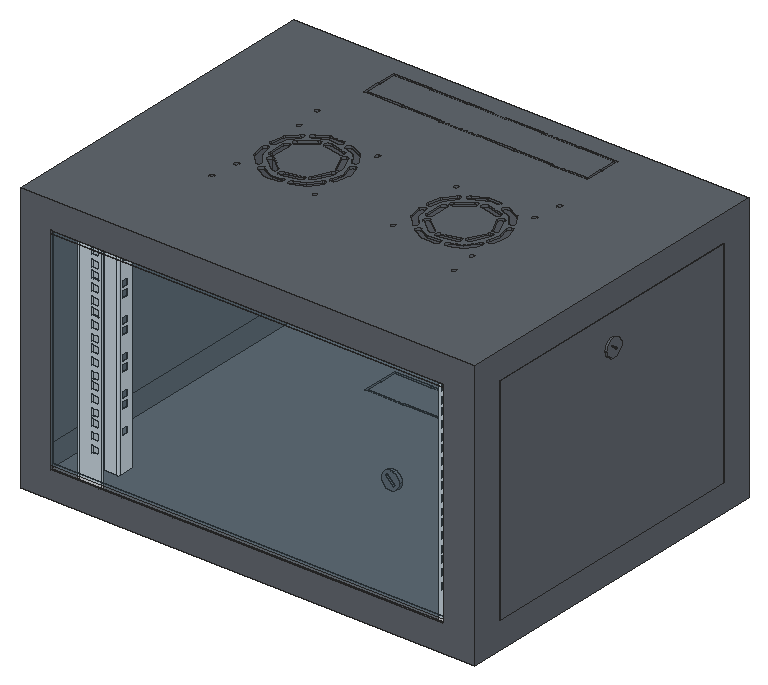
Revit family "Fix wallmount cabinets Legrand Linkeo with removable side panel", category Equipement spécialisé, Revit 2020 (continued)
Connectors
  electrical at (304, 2, 179.5)
    settings: on cut or joined group of Extrusion 1, Extrusion 2, Extrusion 3, Extrusion 6, Extrusion 7, Extrusion 8, Extrusion 40, Extrusion 57, index 1, voltage 0 V, apparent load 0 VA, apparent load phase1 0 VA, apparent load phase2 0 VA, apparent load phase3 0 VA, power factor 1, load classification "Autre", number of poles 1, system type 31, power factor state 1, is connector primary yes, connector utility no, sub classification motor no, connector description ""
Types (12, lengths in mm): name | Y fixation | Usable height (mm) | Number of height units | Max load capacity | Legrand part number | E-catalogue link | Depth (mm) | Height (mm) | EAN | BIM wording
  Fix wallmount cabinet Legrand Linkeo 12U W600 D450 Flatpack 646252.rfa | 419.00 | 555.00 | 12 | "36" | "646252" | "https://www.legrand.fr/reference/646252/pro" | 458.00 | 625.00 | "3414970968036" | "Fix wallmount cabinet Legrand Linkeo 12U W600 D450 Flatpack 646252.rfa"
  Fix wallmount cabinet Legrand Linkeo 12U W600 D600 Flatpack 646262.rfa | 419.00 | 555.00 | 12 | "36" | "646262" | "https://www.legrand.fr/reference/646262/pro" | 608.00 | 625.00 | "3414970968098" | "Fix wallmount cabinet Legrand Linkeo 12U W600 D600 Flatpack 646262.rfa"
  Fix wallmount cabinet Legrand Linkeo 15U W600 D450 Flatpack 646253.rfa | 552.00 | 688.00 | 15 | "45" | "646253" | "https://www.legrand.fr/reference/646253/pro" | 458.00 | 759.00 | "3414970968043" | "Fix wallmount cabinet Legrand Linkeo 15U W600 D450 Flatpack 646253.rfa"
  Fix wallmount cabinet Legrand Linkeo 15U W600 D600 Flatpack 646263.rfa | 552.00 | 688.00 | 15 | "45" | "646263" | "https://www.legrand.fr/reference/646263/pro" | 608.00 | 759.00 | "3414970968104" | "Fix wallmount cabinet Legrand Linkeo 15U W600 D600 Flatpack 646263.rfa"
  Fix wallmount cabinet Legrand Linkeo 18U W600 D450 Flatpack 646254.rfa | 685.00 | 821.00 | 18 | "54" | "646254" | "https://www.legrand.fr/reference/646254/pro" | 458.00 | 892.00 | "3414970968050" | "Fix wallmount cabinet Legrand Linkeo 18U W600 D450 Flatpack 646254.rfa"
  Fix wallmount cabinet Legrand Linkeo 18U W600 D600 Flatpack 646264.rfa | 685.00 | 821.00 | 18 | "54" | "646264" | "https://www.legrand.fr/reference/646264/pro" | 608.00 | 892.00 | "3414970968111" | "Fix wallmount cabinet Legrand Linkeo 18U W600 D600 Flatpack 646264.rfa"
  Fix wallmount cabinet Legrand Linkeo 21U W600 D450 Flatpack 646255.rfa | 819.00 | 955.00 | 21 | "63" | "646255" | "https://www.legrand.fr/reference/646255/pro" | 458.00 | 1025.00 | "3414970968067" | "Fix wallmount cabinet Legrand Linkeo 21U W600 D450 Flatpack 646255.rfa"
  Fix wallmount cabinet Legrand Linkeo 21U W600 D600 Flatpack 646265.rfa | 819.00 | 955.00 | 21 | "63" | "646265" | "https://www.legrand.fr/reference/646265/pro" | 608.00 | 1025.00 | "3414970968128" | "Fix wallmount cabinet Legrand Linkeo 21U W600 D600 Flatpack 646265.rfa"
  Fix wallmount cabinet Legrand Linkeo 6U W600 D450 Flatpack 646250.rfa | 152.00 | 288.00 | 6 | "18" | "646250" | "https://www.legrand.fr/reference/646250/pro" | 458.00 | 359.00 | "3414970968012" | "Fix wallmount cabinet Legrand Linkeo 6U W600 D450 Flatpack 646250.rfa"
  Fix wallmount cabinet Legrand Linkeo 6U W600 D600 Flatpack 646260.rfa | 152.00 | 288.00 | 6 | "18" | "646260" | "https://www.legrand.fr/reference/646260/pro" | 608.00 | 359.00 | "3414970968074" | "Fix wallmount cabinet Legrand Linkeo 6U W600 D600 Flatpack 646260.rfa"
  Fix wallmount cabinet Legrand Linkeo 9U W600 D450 Flatpack 646251.rfa | 286.00 | 422.00 | 9 | "27" | "646251" | "https://www.legrand.fr/reference/646251/pro" | 458.00 | 492.00 | "3414970968029" | "Fix wallmount cabinet Legrand Linkeo 9U W600 D450 Flatpack 646251.rfa"
  Fix wallmount cabinet Legrand Linkeo 9U W600 D600 Flatpack 646261.rfa | 286.00 | 422.00 | 9 | "27" | "646261" | "https://www.legrand.fr/reference/646261/pro" | 608.00 | 492.00 | "3414970968081" | "Fix wallmount cabinet Legrand Linkeo 9U W600 D600 Flatpack 646261.rfa"
